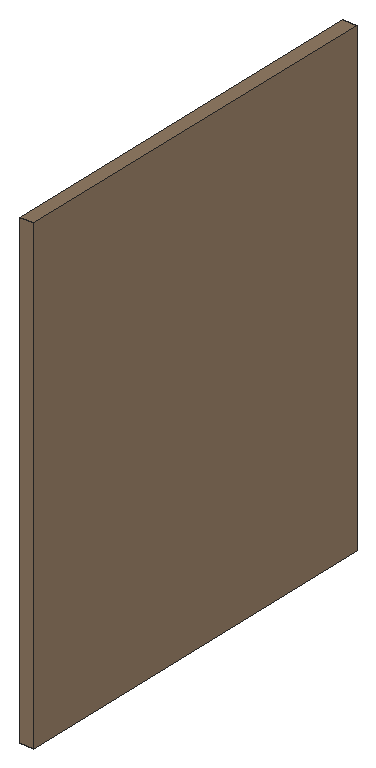
Revit family "Supports-Teknion-CEAEB-End_Panel_Base_Cabinet-R2023", category Furniture, Revit 2023
Family settings
  OmniClass Number = 23.40.20.00
  OmniClass Title = General Furniture and Specialties
  Work Plane-Based = No
  Enable Cutting in Views = No
  Always vertical = Yes
  Cut with Voids When Loaded = No
  Render Appearance Source = Family Geometry
  Shared = Yes
  Room Calculation Point = No
Parameters (values of type "End Panel – Base Cabinet")
  Warranty = "http://www.teknion.com/ca/papers/legal-canada"
  Unit Weight URL = "http://www.teknion.com/ca/tools/assets#&asset=bee6a381-b954-425e-8283-5a2de3a804f2,f828d448-4b62-4231-9e5f-9a8991c0ed77"
  URL = "www.teknion.com"
  To render please download texture images found here [instance] = "https://assets.teknion.com/web/5e81352c1dfdb467/revit-material-swatches/"
  Sustainability Data = "https://www.teknion.com/ca/tools/assets#&topic=216f99a5-57a0-44fc-b10a-9dee9b29ae4c&asset=444deb64-fe58-4b68-981e-f75e97781df7,b4ff2d81-9f2e-437d-9659-7cffb09c31cf"
  Series = "Casework+"  # constant formula
  Product Page URL = "http://www.teknion.com/pricingguides/Casework/pdfs/CEAEB_ppg.pdf"
  Product Line = "Finishing Components"  # constant formula
  Product Documentation Link = "http://www.teknion.com/pricingguides/Casework/pdfs/CEAEB_ppg.pdf"
  Part Number = "CEAEB"  # constant formula
  Model = "CEAEB____"  # constant formula
  Manufacturer Phone = "416-661-3370"  # constant formula
  Manufacturer Fax = "416.661.4586"  # constant formula
  Manufacturer Contact Information = "http://www.teknion.com/ca/contactus"
  Manufacturer Address = "1150 Flint Road, Toronto, ON. M3J 2J5. Canada"  # constant formula
  Manufacturer = "Teknion"  # constant formula
  How To Use Teknion Materials User Guide [instance] = "https://assets.teknion.com/m/205dd0a49fa58060/original/How-to-add-a-Material-Library-and-Texture-Images-to-your-Revit-project.pdf"
  Height [instance] = 35.000"
  For Additional Finishes please visit [instance] = "https://assets.teknion.com/m/44a8009b046e5d47/original/Teknion_Materials_Library.zip"
  End Panel Finish [instance] = Veneer - Teknion - VA - Flintwood - Sycamore
  Description = "End Panel – Base Cabinet"  # constant formula
  Depth [instance] = 30.000"
  Default Elevation = 0.000"
  Available Height [instance] = "Available In 32 & 35 Inches"  # constant formula
  Available Depth [instance] = "Available In 24, 25, 29 & 30 Inches"  # constant formula
  Assembly Code = "E2020200"
Reference planes (in)
  plane 1 "Center Front/Back": y = -1.89698
  plane 2: z = 0
  plane 3 "Center Left/Right": x = 0.01246
  plane 4 "Left": x = -0.48754
  plane 5 "Right": x = 0.51246
  plane 6 "Back": y = 13.10302
  plane 7 "Front": y = -16.89698
  plane 8 "Top": z = 35
Forms (in)
  Sweep 1, solid, material "Veneer - Teknion - VA - Flintwood - Sycamore" <- "End Panel Finish"
    path origin (0, -1.89698, 0) x (1, 0, 0) y (0, 0, 1)
      loop
        line (0.01246, 0) -> (0.01246, 35)
    profile origin (0.01246, -1.89698, 17.5) x (-1, 0, 0) y (0, -1, 0)
      loop
        line (0.5, -15) -> (0.5, 15) -> (-0.5, 15) -> (-0.5, -15) -> (0.5, -15)
Lines and regions (in)
  Masking region 1
    outline origin (0, 0, 0) x (1, 0, 0) y (0, 1, 0)
      loop
        line (-0.48754, 13.10302) -> (-0.48754, -16.89698) -> (0.51246, -16.89698) -> (0.51246, 13.10302) -> (-0.48754, 13.10302)
  reference lines
    curve 1: line (0.51246, 13.10302, 0) -> (0.51246, -16.89698, 0)
    curve 2: line (-0.48754, 13.10302, 0) -> (0.51246, 13.10302, 0)
    curve 3: line (-0.48754, 13.10302, 0) -> (-0.48754, -16.89698, 0)
    curve 4: line (-0.48754, -16.89698, 0) -> (0.51246, -16.89698, 0)
Dimensions and locks (in)
  plane 4 "Left" to plane 5 "Right" = 1.000"
  "Depth": plane 6 "Back" to plane 7 "Front"
  "Height": plane 8 "Top" to level
  equal spacing: plane 4 "Left", plane 3 "Center Left/Right", plane 5 "Right"
  equal spacing: plane 6 "Back", plane 1 "Center Front/Back", plane 7 "Front"
  aligned and locked: level to plane 2
  aligned and locked: Masking region 1 sketch curve to plane 4 "Left"
  aligned and locked: Masking region 1 sketch curve to plane 6 "Back"
  aligned and locked: Masking region 1 sketch curve to plane 5 "Right"
  aligned and locked: Masking region 1 sketch curve to plane 7 "Front"
  aligned and locked: plane 3 "Center Left/Right" to Sweep 1 sketch curve
  aligned and locked: plane 8 "Top" to Sweep 1 sketch curve
  aligned and locked: Sweep 1 sketch curve to plane 4 "Left"
  aligned and locked: Sweep 1 sketch curve to plane 5 "Right"
  aligned and locked: Sweep 1 sketch curve to plane 6 "Back"
  aligned and locked: Sweep 1 sketch curve to plane 7 "Front"
  aligned and locked: curve 1 to plane 5 "Right"
  aligned and locked: curve 2 to plane 6 "Back"
  aligned and locked: curve 3 to plane 4 "Left"
  aligned and locked: curve 4 to plane 7 "Front"
  aligned and locked: nested 4 to plane 7 "Front"
  aligned and locked: nested 3 to plane 7 "Front"
  aligned and locked: nested 2 to plane 6 "Back"
  aligned and locked: nested 1 to plane 6 "Back"
  aligned and locked: plane 5 "Right" to nested 1
  aligned and locked: nested 4 to plane 5 "Right"
  aligned and locked: plane 4 "Left" to nested 2
  aligned and locked: nested 3 to plane 4 "Left"
  aligned and locked: plane 2 to Sweep 1 sketch curve
Nested families (in)
  nested 1: "Teknion_2D_Node_Family-R2021" at (0.51246, 13.10302, 0), type "Teknion_2D_Node_Family-R2021"
  nested 2: "Teknion_2D_Node_Family-R2021" at (-0.48754, 13.10302, 0), type "Teknion_2D_Node_Family-R2021"
  nested 3: "Teknion_2D_Node_Family-R2021" at (-0.48754, -16.89698, 0), type "Teknion_2D_Node_Family-R2021"
  nested 4: "Teknion_2D_Node_Family-R2021" at (0.51246, -16.89698, 0), type "Teknion_2D_Node_Family-R2021"
Definition of nested family "Teknion_2D_Node_Family-R2021"
  Reference planes (in)
    plane 1 "Center (Front/Back)": y = 0
    plane 2: z = 0
    plane 3 "Center (Left/Right)": x = 0
  Lines and regions (in)
    detail lines, in view "Ref. Level"
      curve 1: circle (0, 0, 0) r 1.25 normal (0, 0, 1)
      curve 2: line (1.91508, -1.91508, 0) -> (-1.91508, 1.91508, 0)
      curve 3: line (-1.91508, -1.91508, 0) -> (1.91508, 1.91508, 0)
